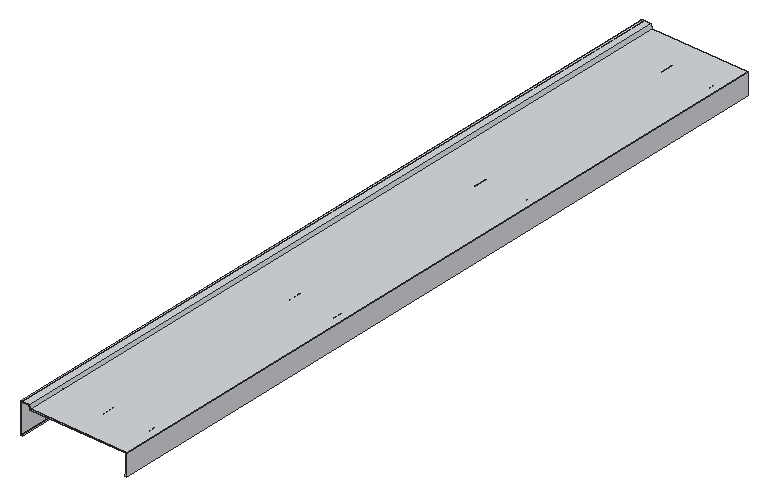
Revit family "ATBB275", category 一般モデル, Revit 2020
Family settings
  鉄筋をホスト可能 = いいえ
  丸型コネクタ寸法 = 直径を使用
  パーツ タイプ = 標準
  作業面ベース = いいえ
  常に垂直 = はい
  ロード時にボイドで切り取り = いいえ
  共有 = いいえ
  部屋計算ポイント = いいえ
Parameters
  笠木長さ [instance] = 2000 mm
  既定の高さ = 0 mm
  定尺笠木長さ = 4000 mm
  固定金具数 [instance] = 4
  判定 [instance] = if(笠木長さ > 4000 mm, 定尺笠木長さ, 笠木長さ)  # 2000 mm
Reference planes
  plane 1 "中心(正面/背面)": y = 0
  plane 2: z = 0
  plane 3 "中心(左/右)": x = 0
  plane 4: z = -43
  plane 5: x = -137.5
  plane 6: x = 137.5
  plane 7: y = -2000
  plane 8: y = -100
  plane 9: y = -1900
Forms (mm)
  Extrusion 1, solid
    sketch origin (-852, 0, -949.18) x (1, 0, 0) y (0, 0, 1)
      loop
        line (714.5, 906.18) -> (720.999, 906.18) -> (720.999, 909.18) -> (717.099, 909.18) -> (717.1, 981.527)
        arc (717.1, 981.527) -> (717.732, 982.986) -> (719.228, 983.523) r 2
        line (719.228, 983.523) -> (735.955, 982.611)
        arc (735.955, 982.611) -> (737.158, 982.124) -> (737.809, 981.002) r 2
        line (737.809, 981.002) -> (739.507, 972.412) -> (985.008, 959.021)
        arc (985.008, 959.021) -> (986.352, 958.399) -> (986.9, 957.024) r 2
        line (986.9, 957.024) -> (986.9, 909.18) -> (983.001, 909.18) -> (983.001, 906.712)
        arc (983.001, 906.712) -> (983.135, 906.338) -> (983.5, 906.18) r 0.5
        line (983.5, 906.18) -> (989.5, 906.18) -> (989.5, 959.273)
        arc (989.5, 959.273) -> (988.957, 960.656) -> (987.61, 961.283) r 2
        line (987.61, 961.283) -> (741.5, 974.707) -> (739.5, 984.821) -> (716.608, 986.07)
        arc (716.608, 986.07) -> (715.116, 985.518) -> (714.5, 984.051) r 2
        line (714.5, 984.051) -> (714.5, 906.18)
    from 0 to 2000
  Extrusion 2, solid, not visible
    sketch origin (-115, 0, -96.472) x (1, 0, 0) y (0, 0, 1)
      loop
        line (714.5, 906.18) -> (720.999, 906.18) -> (720.999, 909.18) -> (717.099, 909.18) -> (717.1, 981.527)
        arc (717.1, 981.527) -> (717.732, 982.986) -> (719.228, 983.523) r 2
        line (719.228, 983.523) -> (735.955, 982.611)
        arc (735.955, 982.611) -> (737.158, 982.124) -> (737.809, 981.002) r 2
        line (737.809, 981.002) -> (739.507, 972.412) -> (985.008, 959.021)
        arc (985.008, 959.021) -> (986.352, 958.399) -> (986.9, 957.024) r 2
        line (986.9, 957.024) -> (986.9, 909.18) -> (983.001, 909.18) -> (983.001, 906.712)
        arc (983.001, 906.712) -> (983.135, 906.338) -> (983.5, 906.18) r 0.5
        line (983.5, 906.18) -> (989.5, 906.18) -> (989.5, 959.273)
        arc (989.5, 959.273) -> (988.957, 960.656) -> (987.61, 961.283) r 2
        line (987.61, 961.283) -> (741.5, 974.707) -> (739.5, 984.821) -> (716.608, 986.07)
        arc (716.608, 986.07) -> (715.116, 985.518) -> (714.5, 984.051) r 2
        line (714.5, 984.051) -> (714.5, 906.18)
    from 0 to 250
Dimensions and locks
  locked: plane 4 to plane 2 at 43
  locked: plane 5 to plane 3 "中心(左/右)" at 137.5
  plane 6 to plane 3 "中心(左/右)" = 137.5 mm
  "笠木長さ": plane 7 to plane 1 "中心(正面/背面)"
  locked: plane 8 to plane 1 "中心(正面/背面)" at 100
  locked: plane 9 to plane 7 at 100
  "判定": Extrusion 1 to plane 1 "中心(正面/背面)"
  locked: nested 1 to plane 8 at 25
  equal spacing: group 2, group 4, group 5, group 3  (x2)
  equal spacing: group 3, group 5, group 4, group 2
  locked: nested 2 to plane 9 at 25
  aligned and locked: level to plane 2
  aligned and locked: plane 5 to Extrusion 1
  aligned and locked: plane 4 to Extrusion 1
  aligned and locked: plane 7 to Extrusion 1
Automatic sketch dimensions
  Extrusion 1 sketch curve to plane 4 = 0 mm  (x2)
  plane 5 to Extrusion 1 sketch curve = 0 mm
  Extrusion 1 sketch curve to plane 5 = 2 mm
  Extrusion 1 sketch curve to plane 5 = 2.599 mm
  Extrusion 1 sketch curve to Extrusion 1 sketch curve = 2.6 mm
  Extrusion 1 sketch curve to Extrusion 1 sketch curve = 0.129 mm
  Extrusion 1 sketch curve to Extrusion 1 sketch curve = 3.901 mm
  Extrusion 1 sketch curve to Extrusion 1 sketch curve = 16.747 mm
  Extrusion 1 sketch curve to Extrusion 1 sketch curve = 3.653 mm
  Extrusion 1 sketch curve to Extrusion 1 sketch curve = 3.66 mm
  Extrusion 1 sketch curve to Extrusion 1 sketch curve = 1.993 mm
  Extrusion 1 sketch curve to plane 4 = 0.532 mm
  Extrusion 1 sketch curve to plane 6 = 6.499 mm
  Extrusion 1 sketch curve to Extrusion 1 sketch curve = 0.499 mm
  Extrusion 1 sketch curve to plane 6 = 4.6 mm
  Extrusion 1 sketch curve to plane 6 = 2.599 mm
  Extrusion 1 sketch curve to plane 6 = 1.999 mm
  plane 6 to Extrusion 1 sketch curve = 0.001 mm
  Extrusion 1 sketch curve to Extrusion 1 sketch curve = 0.032 mm
  Extrusion 1 sketch curve to Extrusion 1 sketch curve = 2.468 mm
  Extrusion 1 sketch curve to Extrusion 1 sketch curve = 3 mm
  level to Extrusion 1 sketch curve = 7.844 mm
  Extrusion 1 sketch curve to Extrusion 1 sketch curve = 2.249 mm
  Extrusion 1 sketch curve to Extrusion 1 sketch curve = 0.013 mm
  level to Extrusion 1 sketch curve = 23.232 mm
  Extrusion 1 sketch curve to Extrusion 1 sketch curve = 2.295 mm
  Extrusion 1 sketch curve to Extrusion 1 sketch curve = 5.907 mm
  Extrusion 1 sketch curve to Extrusion 1 sketch curve = 0.913 mm
  Extrusion 1 sketch curve to Extrusion 1 sketch curve = 1.996 mm
  Extrusion 1 sketch curve to Extrusion 1 sketch curve = 0.528 mm
  Extrusion 1 sketch curve to Extrusion 1 sketch curve = 0.022 mm
  Extrusion 1 sketch curve to Extrusion 1 sketch curve = 4.207 mm
  Extrusion 1 sketch curve to Extrusion 1 sketch curve = 0.109 mm  (x3)
  Extrusion 1 sketch curve to Extrusion 1 sketch curve = 0 mm  (x16)
  Extrusion 1 sketch curve to Extrusion 1 sketch curve = 1.962 mm
  Extrusion 1 sketch curve to Extrusion 1 sketch curve = 0.001 mm
  Extrusion 1 sketch curve to Extrusion 1 sketch curve = 2 mm
  Extrusion 1 sketch curve to plane 6 = 1.89 mm
  Extrusion 1 sketch curve to Extrusion 1 sketch curve = 0.388 mm
Nested families
  nested 1: "ATAF275" at (0, -75, 0), type "ATAF275"
  nested 2: "ATAF275" at (0, -1875, 0), type "ATAF275"
  nested 3: "ATAF275" at (0, -675, 0), type "ATAF275"
  nested 4: "ATAF275" at (0, -1275, 0), type "ATAF275"
Definition of nested family "ATAF275"
  Parameters
    Default Elevation = 0 mm
  Reference planes
    plane 1 "中心(正面/背面)": y = 0
    plane 2: z = 0
    plane 3 "中心(左/右)": x = 0
  Forms (mm)
    Extrusion 1, solid
      sketch origin (-217.226, 0, -131.091) x (1, 0, 0) y (0, 0, 1)
        loop
          line (352.226, 91.955) -> (352.226, 100.577) -> (342.626, 140.501) -> (320.671, 141.699) -> (320.626, 138.205)
          arc (320.626, 138.205) -> (320.003, 136.755) -> (318.523, 136.208) r 2
          line (318.523, 136.208) -> (302.634, 137.091) -> (289.903, 137.091) -> (257.706, 137.091) -> (253.535, 134.731) -> (227.226, 134.691) -> (227.226, 137.091) -> (225.726, 137.091) -> (225.726, 134.691) -> (219.876, 134.691)
          arc (219.876, 134.691) -> (218.815, 135.13) -> (218.376, 136.191) r 1.5
          line (218.376, 136.191) -> (218.376, 142.88)
          arc (218.376, 142.88) -> (218.848, 143.973) -> (219.968, 144.377) r 1.5
          line (219.968, 144.377) -> (227.226, 143.978) -> (227.226, 146.281) -> (217.242, 146.83) -> (207.226, 147.381) -> (207.226, 145.078) -> (214.668, 144.668)
          arc (214.668, 144.668) -> (215.669, 144.199) -> (216.076, 143.171) r 1.5
          line (216.076, 143.171) -> (216.076, 136.191)
          arc (216.076, 136.191) -> (215.636, 135.13) -> (214.576, 134.691) r 1.5
          line (214.576, 134.691) -> (208.726, 134.691) -> (208.726, 137.091) -> (207.226, 137.091) -> (207.226, 134.691) -> (181.066, 134.691) -> (176.895, 137.051) -> (148.472, 137.091) -> (131.836, 137.091) -> (121.092, 136.376)
          arc (121.092, 136.376) -> (118.093, 137.446) -> (116.826, 140.367) r 4
          line (116.826, 140.367) -> (116.826, 152.321) -> (91.826, 154.181) -> (82.226, 99.243) -> (82.226, 91.955) -> (84.326, 91.955) -> (84.326, 95.662) -> (94.269, 145.493)
          arc (94.269, 145.493) -> (95.786, 147.884) -> (98.507, 148.67) r 4
          line (98.507, 148.67) -> (109.718, 147.836)
          arc (109.718, 147.836) -> (111.36, 147.042) -> (112.026, 145.344) r 2.5
          line (112.026, 145.344) -> (112.026, 131.091) -> (325.426, 131.091) -> (325.426, 134.983)
          arc (325.426, 134.983) -> (326.405, 136.125) -> (327.862, 136.499) r 2.5
          line (327.862, 136.499) -> (336.835, 136.01)
          arc (336.835, 136.01) -> (339.148, 135.131) -> (340.501, 133.059) r 4
          line (340.501, 133.059) -> (350.115, 97.51) -> (350.126, 91.955) -> (352.226, 91.955)
      from 0 to 50
  Dimensions and locks
    Extrusion 1 to level = 0 mm
    Extrusion 1 to plane 3 "中心(左/右)" = 135 mm
    aligned and locked: level to plane 2
